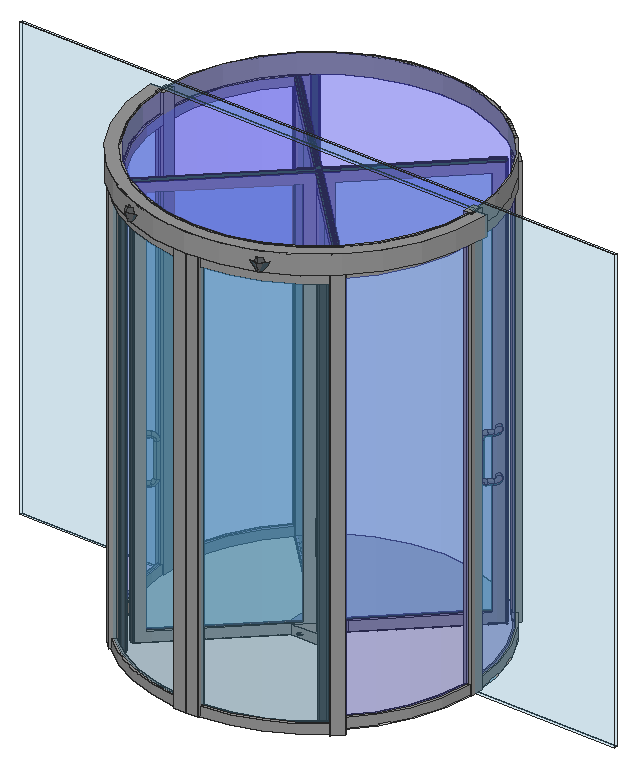
Revit family "Talos RDR-S01", category Türen, Revit 2016 (continued)
Automatic sketch dimensions
  Extrusion 19 sketch curve to Extrusion 19 sketch curve = 844.00 mm
  Extrusion 19 sketch curve to plane 8 "access height" = 63.00 mm
  Extrusion 20 sketch curve to plane 11 "180-4" = 83.00 mm
  level to Extrusion 20 sketch curve = 63.00 mm
  Extrusion 20 sketch curve to Extrusion 20 sketch curve = 844.00 mm
  Extrusion 20 sketch curve to plane 8 "access height" = 63.00 mm
  Extrusion 21 sketch curve to plane 10 = 20.00 mm
  Extrusion 21 sketch curve to plane 1 "Mitte (Vorne/Hinten)" = 42.50 mm
  Extrusion 27 sketch curve to Extrusion 27 sketch curve = 844.00 mm
  level to Extrusion 28 sketch curve = 63.00 mm
  Extrusion 28 sketch curve to Extrusion 28 sketch curve = 844.00 mm
  Extrusion 28 sketch curve to plane 8 "access height" = 63.00 mm
  Extrusion 30 sketch curve to Extrusion 30 sketch curve = 844.00 mm
  level to Extrusion 31 sketch curve = 63.00 mm
  Extrusion 31 sketch curve to Extrusion 31 sketch curve = 844.00 mm
  Extrusion 31 sketch curve to plane 8 "access height" = 63.00 mm
  Extrusion 33 sketch curve to Extrusion 33 sketch curve = 844.00 mm
  level to Extrusion 34 sketch curve = 63.00 mm
  Extrusion 34 sketch curve to Extrusion 34 sketch curve = 844.00 mm
  Extrusion 34 sketch curve to plane 8 "access height" = 63.00 mm
  Extrusion 49 sketch curve to Extrusion 49 sketch curve = 0.00 mm  (x2)
  Extrusion 8 sketch curve to plane 9 = 9.336 mm
  curve 1 to curve 2 = 0.00 mm  (x2)
  curve 1 to curve 3 = 0.00 mm  (x2)
  curve 3 to curve 4 = 0.00 mm  (x2)
  curve 5 to plane 11 "180-4" = 0.00 mm
  curve 32 to plane 16 "120-2" = 0.00 mm
  curve 33 to plane 15 "120-1" = 0.00 mm
  plane 1 "Mitte (Vorne/Hinten)" to curve 4 = 0.00 mm
  curve 4 to plane 3 "Mitte (Links/Rechts)" = 0.00 mm
  plane 17 "120-3" to curve 32 = 0.00 mm
  curve 31 to plane 3 "Mitte (Links/Rechts)" = 3.486 mm
  curve 33 to plane 1 "Mitte (Vorne/Hinten)" = 22.943 mm
  curve 32 to plane 1 "Mitte (Vorne/Hinten)" = 16.905 mm
  plane 4 "Section L" to curve 5 = 6.212 mm
  plane 4 "Section L" to curve 8 = 6.212 mm
  plane 3 "Mitte (Links/Rechts)" to curve 9 = 120.941 mm
  curve 6 to plane 5 "Section R" = 6.212 mm
  curve 7 to plane 5 "Section R" = 6.212 mm
  Extrusion 2 sketch curve to Extrusion 2 sketch curve = 0.00 mm  (x6)
  plane 1 "Mitte (Vorne/Hinten)" to Extrusion 2 sketch curve = 0.00 mm
  Extrusion 2 sketch curve to plane 3 "Mitte (Links/Rechts)" = 0.00 mm
  plane 1 "Mitte (Vorne/Hinten)" to Extrusion 4 sketch curve = 0.00 mm
  Extrusion 4 sketch curve to plane 3 "Mitte (Links/Rechts)" = 0.00 mm
  Extrusion 6 sketch curve to Extrusion 6 sketch curve = 0.00 mm  (x6)
  plane 1 "Mitte (Vorne/Hinten)" to Extrusion 6 sketch curve = 0.00 mm
  Extrusion 6 sketch curve to plane 3 "Mitte (Links/Rechts)" = 0.00 mm
  Extrusion 10 sketch curve to level = 0.00 mm
  Extrusion 10 sketch curve to plane 8 "access height" = 0.00 mm
  Extrusion 15 sketch curve to level = 0.00 mm
  Extrusion 15 sketch curve to plane 8 "access height" = 0.00 mm
  level to Extrusion 18 sketch curve = 0.00 mm
  plane 8 "access height" to Extrusion 18 sketch curve = 0.00 mm
  Extrusion 26 sketch curve to plane 8 "access height" = 0.00 mm
  Extrusion 26 sketch curve to level = 0.00 mm
  Extrusion 29 sketch curve to plane 8 "access height" = 0.00 mm
  Extrusion 29 sketch curve to level = 0.00 mm
  plane 8 "access height" to Extrusion 32 sketch curve = 0.00 mm
  level to Extrusion 32 sketch curve = 0.00 mm
  Extrusion 35 sketch curve to Extrusion 35 sketch curve = 0.00 mm
  plane 1 "Mitte (Vorne/Hinten)" to Extrusion 35 sketch curve = 0.00 mm
  Extrusion 35 sketch curve to plane 3 "Mitte (Links/Rechts)" = 0.00 mm
  Extrusion 44 sketch curve to Extrusion 44 sketch curve = 0.00 mm
  plane 1 "Mitte (Vorne/Hinten)" to Extrusion 44 sketch curve = 0.00 mm
  Extrusion 44 sketch curve to plane 3 "Mitte (Links/Rechts)" = 0.00 mm
  Extrusion 45 sketch curve to plane 3 "Mitte (Links/Rechts)" = 0.00 mm
  Extrusion 45 sketch curve to Extrusion 45 sketch curve = 1.80 mm  (x2)
  Extrusion 45 sketch curve to Extrusion 45 sketch curve = 2.00 mm  (x2)
  Extrusion 46 sketch curve to Extrusion 46 sketch curve = 2.00 mm  (x4)
  Extrusion 46 sketch curve to plane 3 "Mitte (Links/Rechts)" = 0.00 mm
  Extrusion 47 sketch curve to Extrusion 47 sketch curve = 2.00 mm  (x4)
  plane 12 "180-1" to Extrusion 47 sketch curve = 65.00 mm
  Extrusion 48 sketch curve to Extrusion 48 sketch curve = 2.00 mm  (x4)
  plane 11 "180-4" to Extrusion 48 sketch curve = 19.999 mm
  Extrusion 50 sketch curve to Extrusion 50 sketch curve = 0.00 mm  (x2)
  plane 1 "Mitte (Vorne/Hinten)" to Extrusion 50 sketch curve = 0.00 mm
  Extrusion 50 sketch curve to plane 3 "Mitte (Links/Rechts)" = 0.00 mm
  Extrusion 51 sketch curve to Extrusion 51 sketch curve = 0.00 mm  (x2)
  plane 1 "Mitte (Vorne/Hinten)" to Extrusion 51 sketch curve = 0.00 mm
  Extrusion 51 sketch curve to plane 3 "Mitte (Links/Rechts)" = 0.00 mm
  Extrusion 51 sketch curve to plane 3 "Mitte (Links/Rechts)" = 85.00 mm
  Extrusion 54 sketch curve to Extrusion 54 sketch curve = 1.80 mm  (x2)
  plane 3 "Mitte (Links/Rechts)" to Extrusion 54 sketch curve = 0.00 mm
  Extrusion 54 sketch curve to Extrusion 54 sketch curve = 2.00 mm  (x2)
  Extrusion 55 sketch curve to Extrusion 55 sketch curve = 2.00 mm  (x4)
  plane 3 "Mitte (Links/Rechts)" to Extrusion 55 sketch curve = 0.00 mm
  Extrusion 56 sketch curve to Extrusion 56 sketch curve = 2.00 mm  (x4)
  Extrusion 56 sketch curve to plane 11 "180-4" = 20.00 mm
  Extrusion 57 sketch curve to Extrusion 57 sketch curve = 2.00 mm  (x4)
  Extrusion 57 sketch curve to plane 12 "180-1" = 65.00 mm
  Extrusion 58 sketch curve to Extrusion 58 sketch curve = 0.00 mm  (x2)
  plane 1 "Mitte (Vorne/Hinten)" to Extrusion 58 sketch curve = 0.00 mm
  Extrusion 58 sketch curve to plane 3 "Mitte (Links/Rechts)" = 0.00 mm
  Extrusion 59 sketch curve to Extrusion 59 sketch curve = 0.00 mm  (x2)
  Extrusion 59 sketch curve to plane 3 "Mitte (Links/Rechts)" = 0.00 mm
  plane 1 "Mitte (Vorne/Hinten)" to Extrusion 59 sketch curve = 0.00 mm
  plane 3 "Mitte (Links/Rechts)" to Extrusion 59 sketch curve = 85.00 mm
  plane 1 "Mitte (Vorne/Hinten)" to Extrusion 63 sketch curve = 0.00 mm
  Extrusion 63 sketch curve to plane 3 "Mitte (Links/Rechts)" = 0.00 mm
Nested families
  nested 1: "rubber profile" at (-699.482, 791.429, 0) x (0.7071, -0.7071, 0) z (0, 0, 1), type "rubber profile"
    with ClearHeight 2800.00 mm
  nested 2: "rubber profile" at (699.528, 791.429, 0) x (-0.7071, -0.7071, 0) z (0, 0, 1), type "rubber profile"
    with ClearHeight 2800.00 mm
  nested 3: "rubber profile" at (-699.482, -791.429, 0) x (0.7071, 0.7071, 0) z (0, 0, 1), type "rubber profile"
    with ClearHeight 2800.00 mm
  nested 4: "rubber profile" at (699.529, -791.429, 0) x (-0.7071, 0.7071, 0) z (0, 0, 1), type "rubber profile"
    with ClearHeight 2800.00 mm
  nested 5: "handle" at (-662.623, 690.93, 0) x (0.7071, -0.7071, 0) z (0, 0, 1), visible <- "HasGrabHandles 180", type "handle"
  nested 6: "handle" at (103.366, 951.737, 0) x (-0.0872, -0.9962, 0) z (0, 0, 1), visible <- "HasGrabHandles 120", type "handle"
  nested 7: "handle" at (773.709, -566.156, 0) x (-0.8192, 0.5736, 0) z (0, 0, 1), visible <- "HasGrabHandles 120", type "handle"
  nested 8: "handle" at (662.669, -690.93, 0) x (-0.7071, 0.7071, 0) z (0, 0, 1), visible <- "HasGrabHandles 180", type "handle"
  nested 9: "handle" at (-691.881, -663.62, 0) x (0.7071, 0.7071, 0) z (0, 0, 1), visible <- "HasGrabHandles 180", type "handle"
  nested 10: "handle" at (-877.125, -386.953, 0) x (0.9063, 0.4226, 0) z (0, 0, 1), visible <- "HasGrabHandles 120", type "handle"
  nested 11: "handle" at (690.953, 662.646, 0) x (-0.7071, -0.7071, 0) z (0, 0, 1), visible <- "HasGrabHandles 180", type "handle"
  nested 12: "console" at (752.385, -844.285, 950) x (0.7071, -0.7071, 0) z (0, 0, 1), visible <- "HasConsoleS1", type <- "ConsoleType", type "Type 4"
  nested 13: "console" at (-718.397, 810.344, 950) x (-0.7071, 0.7071, 0) z (0, 0, 1), visible <- "HasConsoleS1", type <- "ConsoleType", type "Type 4"
  nested 14: "emergencyStop" at (789.39, 835.238, 950), visible <- "ShutOffDevice", type "emergencyStop"
  nested 15: "emergencyStop" at (-823.285, -869.179, 950) x (-1, 0, 0) z (0, 0, 1), visible <- "ShutOffDeviceInside", type "emergencyStop"
  nested 16: "radar" at (429.394, -1036.593, 2811) x (0.9239, 0.3827, 0) z (0, 0, 1), visible <- "HasMotionSensor", type "radar"
  nested 17: "radar" at (-429.348, -1036.593, 2811) x (0.9239, -0.3827, 0) z (0, 0, 1), visible <- "HasMotionSensor", type "radar"
  nested 18: "radar" at (405.668, 979.312, 2811) x (0.9239, -0.3827, 0) z (0, 0, 1), visible <- "HasMotionSensor", type "radar"
  nested 19: "radar" at (-405.621, 979.312, 2811) x (0.9239, 0.3827, 0) z (0, 0, 1), visible <- "HasMotionSensor", type "radar"
Definition of nested family "rubber profile"
  Parameters
    RubberMaterial = none
    ClearHeight [instance] = 860.00 mm
  Reference planes
    plane 1 "Mitte (Vorne/Hinten)": y = 0
    plane 2: z = 0
    plane 3 "Mitte (Links/Rechts)": x = 0
    plane 4: z = 860
  Forms (mm)
    Extrusion 1, solid, material <- "RubberMaterial"
      sketch origin (959.147, -87.353, 0) x (0.707107, 0.707107, 0) y (-0.707107, 0.707107, 0)
        loop
          arc (-590.457, 784.714) -> (-606.688, 774.354) -> (-621.477, 762.023) r 151.839
          arc (-621.477, 762.023) -> (-625.471, 757.342) -> (-628.391, 751.926) r 29.082
          line (-628.391, 751.926) -> (-604.513, 728.049)
          arc (-604.513, 728.049) -> (-599.097, 730.968) -> (-594.416, 734.962) r 29.082
          arc (-594.416, 734.962) -> (-582.085, 749.751) -> (-571.725, 765.982) r 151.839
          arc (-571.725, 765.982) -> (-574.044, 782.395) -> (-590.457, 784.714) r 13.785
      from 0 to 860
  Dimensions and locks
    "ClearHeight": plane 2 to plane 4
    aligned and locked: level to plane 2
    aligned and locked: plane 4 to Extrusion 1
  Automatic sketch dimensions
    plane 1 "Mitte (Vorne/Hinten)" to Extrusion 1 sketch curve = 0.00 mm  (x2)
    Extrusion 1 sketch curve to plane 3 "Mitte (Links/Rechts)" = 0.00 mm
    Extrusion 1 sketch curve to plane 1 "Mitte (Vorne/Hinten)" = 7.937 mm
    Extrusion 1 sketch curve to plane 3 "Mitte (Links/Rechts)" = 132.648 mm
    Extrusion 1 sketch curve to Extrusion 1 sketch curve = 76.246 mm  (x2)
    Extrusion 1 sketch curve to Extrusion 1 sketch curve = 12.864 mm  (x2)
    Extrusion 1 sketch curve to Extrusion 1 sketch curve = 11.013 mm
    Extrusion 1 sketch curve to Extrusion 1 sketch curve = 3.039 mm
    Extrusion 1 sketch curve to Extrusion 1 sketch curve = 17.683 mm
    Extrusion 1 sketch curve to Extrusion 1 sketch curve = 87.47 mm
    Extrusion 1 sketch curve to Extrusion 1 sketch curve = 7.059 mm
    Extrusion 1 sketch curve to Extrusion 1 sketch curve = 0.00 mm  (x3)
Definition of nested family "handle"
  Parameters
    HandleMaterial = none
  Reference planes
    plane 1 "Mitte (Vorne/Hinten)": y = 0
    plane 2: z = 0
    plane 3 "Mitte (Links/Rechts)": x = 0
  Forms (mm)
    Sweep 1, solid, material <- "HandleMaterial"
      path in 3D
        loop
          line (0, 0, 1200) -> (0, 37, 1200)
          arc (0, 37, 1200) -> (10.251, 61.749, 1200) -> (35, 72, 1200) r 35
          line (35, 72, 1200) -> (70, 72, 1200)
          arc (70, 72, 1200) -> (94.749, 72, 1189.749) -> (105, 72, 1165) r 35
          line (105, 72, 1165) -> (105, 72, 935)
          arc (105, 72, 935) -> (94.749, 72, 910.251) -> (70, 72, 900) r 35
          line (70, 72, 900) -> (35, 72, 900)
          arc (35, 72, 900) -> (10.251, 61.749, 900) -> (0, 37, 900) r 35
          line (0, 37, 900) -> (0, 0, 900)
      profile origin (0, 18.5, 1200) x (-1, 0, 0) y (0, 0, 1)
        loop
          circle (0, 0) r 16
  Lines and regions (mm)
    sketch lines
      curve 1: line (0, 0, 1200) -> (0, 37, 1200)
      curve 2: arc (0, 37, 1200) -> (10.251, 61.749, 1200) -> (35, 72, 1200) r 35
      curve 3: line (70, 72, 1200) -> (35, 72, 1200)
      curve 4: arc (70, 72, 1200) -> (94.749, 72, 1189.749) -> (105, 72, 1165) r 35
      curve 5: line (105, 72, 1165) -> (105, 72, 935)
      curve 6: arc (70, 72, 900) -> (94.749, 72, 910.251) -> (105, 72, 935) r 35
      curve 7: line (70, 72, 900) -> (35, 72, 900)
      curve 8: arc (0, 37, 900) -> (10.251, 61.749, 900) -> (35, 72, 900) r 35
      curve 9: line (0, 0, 900) -> (0, 37, 900)
  Dimensions and locks
    aligned and locked: level to plane 2
Definition of nested family "console"
  Parameters
    OpeningStart = 18.00 mm
    ConsoleHeight = 138.00 mm
  Reference planes
    plane 1 "Mitte (Vorne/Hinten)": y = 0
    plane 2: z = 0
    plane 3 "Mitte (Links/Rechts)": x = 0
    plane 4 "loch": through (36.581, 1.377, 1200) normal (-0.7071, 0.7071, 0)
    plane 5: z = 20
    plane 6: z = 122
    plane 7: z = 140
    plane 8: z = 2
    plane 9: z = 142
  Forms (mm)
    Extrusion 1, solid
      sketch origin (0, 0, 0) x (1, 0, 0) y (0, 1, 0)
        loop
          arc (1.377, 51.025) -> (0.358, 49.5) -> (0, 47.701) r 4.7
          line (0, 47.701) -> (0, 4.7)
          arc (0, 4.7) -> (1.377, 1.377) -> (4.7, 0) r 4.7
          line (4.7, 0) -> (33.258, 0)
          arc (33.258, 0) -> (35.056, 0.358) -> (36.581, 1.377) r 4.7
          line (36.581, 1.377) -> (99.094, 63.889)
          arc (99.094, 63.889) -> (100.471, 67.213) -> (99.094, 70.536) r 4.7
          line (99.094, 70.536) -> (63.315, 106.316)
          arc (63.315, 106.316) -> (59.991, 107.692) -> (56.668, 106.316) r 4.7
          line (56.668, 106.316) -> (1.377, 51.025)
      from 0 to 2
    Extrusion 2, solid
      sketch origin (0, 0, 0) x (1, 0, 0) y (0, 1, 0)
        loop
          arc (1.377, 51.025) -> (0.358, 49.5) -> (0, 47.701) r 4.7
          line (0, 47.701) -> (0, 4.7)
          arc (0, 4.7) -> (1.377, 1.377) -> (4.7, 0) r 4.7
          line (4.7, 0) -> (33.258, 0)
          arc (33.258, 0) -> (35.056, 0.358) -> (36.581, 1.377) r 4.7
          line (36.581, 1.377) -> (99.094, 63.889)
          arc (99.094, 63.889) -> (100.471, 67.213) -> (99.094, 70.536) r 4.7
          line (99.094, 70.536) -> (63.315, 106.316)
          arc (63.315, 106.316) -> (59.991, 107.692) -> (56.668, 106.316) r 4.7
          line (56.668, 106.316) -> (1.377, 51.025)
      from 140 to 142
    Extrusion 3, solid
      sketch origin (0, 0, 0) x (1, 0, 0) y (0, 1, 0)
        loop
          arc (1.377, 51.025) -> (0.358, 49.5) -> (0, 47.701) r 4.7
          line (0, 47.701) -> (0, 4.7)
          arc (0, 4.7) -> (1.377, 1.377) -> (4.7, 0) r 4.7
          line (4.7, 0) -> (33.258, 0)
          arc (33.258, 0) -> (35.056, 0.358) -> (36.581, 1.377) r 4.7
          line (36.581, 1.377) -> (99.094, 63.889)
          arc (99.094, 63.889) -> (100.471, 67.213) -> (99.094, 70.536) r 4.7
          line (99.094, 70.536) -> (63.315, 106.316)
          arc (63.315, 106.316) -> (59.991, 107.692) -> (56.668, 106.316) r 4.7
          line (56.668, 106.316) -> (1.377, 51.025)
        loop
          line (58.153, 104.831) -> (2.862, 49.54)
          arc (2.862, 49.54) -> (2.298, 48.696) -> (2.1, 47.701) r 2.6
          line (2.1, 47.701) -> (2.1, 4.7)
          arc (2.1, 4.7) -> (2.862, 2.862) -> (4.7, 2.1) r 2.6
          line (4.7, 2.1) -> (33.258, 2.1)
          arc (33.258, 2.1) -> (34.253, 2.298) -> (35.096, 2.862) r 2.6
          line (35.096, 2.862) -> (97.609, 65.374)
          arc (97.609, 65.374) -> (98.371, 67.213) -> (97.609, 69.051) r 2.6
          line (97.609, 69.051) -> (61.83, 104.831)
          arc (61.83, 104.831) -> (59.991, 105.592) -> (58.153, 104.831) r 2.6
      from 2 to 140
    Extrusion 4, void
      sketch origin (17.602, -17.602, -32.1) x (-0.707107, -0.707107, 0) y (0, 0, 1)
        loop
          line (-46.447, 154.1) -> (-95.447, 154.1)
          arc (-95.447, 154.1) -> (-97.215, 153.368) -> (-97.947, 151.6) r 2.5
          line (-97.947, 151.6) -> (-97.947, 54.6)
          arc (-97.947, 54.6) -> (-97.215, 52.832) -> (-95.447, 52.1) r 2.5
          line (-95.447, 52.1) -> (-46.447, 52.1)
          arc (-46.447, 52.1) -> (-44.679, 52.832) -> (-43.947, 54.6) r 2.5
          line (-43.947, 54.6) -> (-43.947, 151.6)
          arc (-43.947, 151.6) -> (-44.679, 153.368) -> (-46.447, 154.1) r 2.5
      from 0 to 2
  Cuts and joins
    Extrusion 4 cuts Extrusion 3
    joined: Extrusion 1, Extrusion 2, Extrusion 3
  Dimensions and locks
    "ConsoleHeight": plane 8 to plane 7
    locked: plane 2 to plane 8 at 2
    plane 6 to plane 7 to plane 9 = 18.00 mm locked, 2.00 mm locked
    "OpeningStart": plane 8 to plane 5
    aligned and locked: level to plane 2
    aligned and locked: Extrusion 2 to Extrusion 3
    aligned and locked: Extrusion 1 to level
    aligned and locked: Extrusion 3 to Extrusion 1
    aligned and locked: plane 6 to Extrusion 4
    aligned and locked: Extrusion 4 to plane 5
    aligned and locked: plane 9 to Extrusion 2
    aligned and locked: plane 7 to cut or joined group of Extrusion 1, Extrusion 2, Extrusion 3, Extrusion 4
    aligned and locked: plane 6 to cut or joined group of Extrusion 1, Extrusion 2, Extrusion 3, Extrusion 4
  Automatic sketch dimensions
    Extrusion 1 sketch curve to plane 3 "Mitte (Links/Rechts)" = 0.00 mm
    plane 1 "Mitte (Vorne/Hinten)" to Extrusion 1 sketch curve = 0.00 mm
    Extrusion 1 sketch curve to plane 4 "loch" = 0.00 mm  (x2)
    plane 3 "Mitte (Links/Rechts)" to Extrusion 1 sketch curve = 1.377 mm
    plane 3 "Mitte (Links/Rechts)" to Extrusion 1 sketch curve = 4.70 mm
    Extrusion 1 sketch curve to Extrusion 1 sketch curve = 4.70 mm
    Extrusion 1 sketch curve to plane 1 "Mitte (Vorne/Hinten)" = 4.70 mm
    Extrusion 1 sketch curve to plane 1 "Mitte (Vorne/Hinten)" = 1.377 mm
    plane 3 "Mitte (Links/Rechts)" to Extrusion 1 sketch curve = 56.668 mm
    Extrusion 1 sketch curve to Extrusion 1 sketch curve = 3.323 mm  (x4)
    Extrusion 1 sketch curve to Extrusion 1 sketch curve = 35.78 mm  (x2)
    Extrusion 1 sketch curve to plane 1 "Mitte (Vorne/Hinten)" = 70.536 mm
    Extrusion 1 sketch curve to plane 1 "Mitte (Vorne/Hinten)" = 63.889 mm
    Extrusion 1 sketch curve to Extrusion 1 sketch curve = 43.001 mm
    Extrusion 2 sketch curve to plane 3 "Mitte (Links/Rechts)" = 0.00 mm
    plane 1 "Mitte (Vorne/Hinten)" to Extrusion 2 sketch curve = 0.00 mm
    Extrusion 2 sketch curve to plane 4 "loch" = 0.00 mm  (x2)
    plane 3 "Mitte (Links/Rechts)" to Extrusion 2 sketch curve = 1.377 mm
    plane 3 "Mitte (Links/Rechts)" to Extrusion 2 sketch curve = 4.70 mm
    Extrusion 2 sketch curve to Extrusion 2 sketch curve = 4.70 mm
    Extrusion 2 sketch curve to plane 1 "Mitte (Vorne/Hinten)" = 4.70 mm
    Extrusion 2 sketch curve to plane 1 "Mitte (Vorne/Hinten)" = 1.377 mm
    plane 3 "Mitte (Links/Rechts)" to Extrusion 2 sketch curve = 56.668 mm
    Extrusion 2 sketch curve to Extrusion 2 sketch curve = 3.323 mm  (x4)
    Extrusion 2 sketch curve to Extrusion 2 sketch curve = 35.78 mm  (x2)
    Extrusion 2 sketch curve to plane 1 "Mitte (Vorne/Hinten)" = 70.536 mm
    Extrusion 2 sketch curve to plane 1 "Mitte (Vorne/Hinten)" = 63.889 mm
    Extrusion 2 sketch curve to Extrusion 2 sketch curve = 43.001 mm
    Extrusion 3 sketch curve to Extrusion 3 sketch curve = 0.00 mm  (x10)
    Extrusion 3 sketch curve to plane 3 "Mitte (Links/Rechts)" = 0.00 mm
    plane 1 "Mitte (Vorne/Hinten)" to Extrusion 3 sketch curve = 0.00 mm
    Extrusion 3 sketch curve to plane 4 "loch" = 0.00 mm  (x2)
    plane 3 "Mitte (Links/Rechts)" to Extrusion 3 sketch curve = 1.377 mm
    Extrusion 3 sketch curve to Extrusion 3 sketch curve = 2.10 mm
    Extrusion 3 sketch curve to Extrusion 3 sketch curve = 0.762 mm
    plane 3 "Mitte (Links/Rechts)" to Extrusion 3 sketch curve = 4.70 mm
    Extrusion 3 sketch curve to Extrusion 3 sketch curve = 1.838 mm  (x6)
    Extrusion 3 sketch curve to Extrusion 3 sketch curve = 28.558 mm
    Extrusion 3 sketch curve to plane 1 "Mitte (Vorne/Hinten)" = 2.862 mm
    Extrusion 3 sketch curve to plane 1 "Mitte (Vorne/Hinten)" = 1.377 mm
    plane 3 "Mitte (Links/Rechts)" to Extrusion 3 sketch curve = 56.668 mm
    Extrusion 3 sketch curve to Extrusion 3 sketch curve = 1.485 mm  (x5)
    Extrusion 3 sketch curve to Extrusion 3 sketch curve = 35.78 mm  (x2)
    Extrusion 3 sketch curve to plane 1 "Mitte (Vorne/Hinten)" = 63.889 mm
    Extrusion 3 sketch curve to plane 1 "Mitte (Vorne/Hinten)" = 70.536 mm
    Extrusion 3 sketch curve to Extrusion 3 sketch curve = 43.001 mm
    plane 5 to Extrusion 4 sketch curve = 0.00 mm
    plane 6 to Extrusion 4 sketch curve = 0.00 mm
    plane 5 to Extrusion 4 sketch curve = 2.50 mm
    Extrusion 4 sketch curve to Extrusion 4 sketch curve = 2.50 mm
    Extrusion 4 sketch curve to Extrusion 4 sketch curve = 49.00 mm  (x2)
    Extrusion 4 sketch curve to plane 6 = 2.50 mm
Definition of nested family "emergencyStop"
  Reference planes
    plane 1 "Mitte (Vorne/Hinten)": y = 0
    plane 2: z = 0
    plane 3 "Mitte (Links/Rechts)": x = 0
  Forms (mm)
    Extrusion 1, solid
      sketch origin (0, 0, 0) x (1, 0, 0) y (0, 1, 0)
        loop
          arc (-33.893, 60) -> (-35.692, 59.642) -> (-37.217, 58.623) r 4.7
          line (-37.217, 58.623) -> (-61.047, 34.793) -> (-67.623, 28.217)
          arc (-67.623, 28.217) -> (-69, 24.893) -> (-67.623, 21.57) r 4.7
          line (-67.623, 21.57) -> (-47.43, 1.377)
          arc (-47.43, 1.377) -> (-45.905, 0.358) -> (-44.107, 0) r 4.7
          line (-44.107, 0) -> (44.3, 0)
          arc (44.3, 0) -> (47.623, 1.377) -> (49, 4.7) r 4.7
          line (49, 4.7) -> (49, 55.3)
          arc (49, 55.3) -> (47.623, 58.623) -> (44.3, 60) r 4.7
          line (44.3, 60) -> (-33.893, 60)
      from 0 to 93
    Extrusion 2, solid
      sketch origin (0, 0, 0) x (1, 0, 0) y (0, 0, 1)
        loop
          line (29.15, 80.65) -> (-29.15, 80.65)
          arc (-29.15, 80.65) -> (-32.686, 79.186) -> (-34.15, 75.65) r 5
          line (-34.15, 75.65) -> (-34.15, 17.35)
          arc (-34.15, 17.35) -> (-32.686, 13.814) -> (-29.15, 12.35) r 5
          line (-29.15, 12.35) -> (29.15, 12.35)
          arc (29.15, 12.35) -> (32.686, 13.814) -> (34.15, 17.35) r 5
          line (34.15, 17.35) -> (34.15, 75.65)
          arc (34.15, 75.65) -> (32.686, 79.186) -> (29.15, 80.65) r 5
      from 0 to 5
    Extrusion 3, solid
      sketch origin (0, 0, 0) x (1, 0, 0) y (0, 0, 1)
        loop
          circle (0, 46.5) r 14
      from 5 to 11.5
    Extrusion 4, solid
      sketch origin (0, 0, 0) x (1, 0, 0) y (0, 0, 1)
        loop
          circle (0, 46.5) r 17.5
      from 11.5 to 42.662
  Dimensions and locks
    aligned and locked: level to plane 2
Definition of nested family "radar"
  Reference planes
    plane 1 "Mitte (Vorne/Hinten)": y = 0
    plane 2: z = 0
    plane 3 "Mitte (Links/Rechts)": x = 0
  Forms (mm)
    Blend 1, solid
      base sketch origin (0, 0, 0) x (1, 0, 0) y (0, 1, 0)
        loop
          spline (-60.45, 0) -> (-59.155, -6.959) -> (-55.927, -13.157) -> (-51.487, -18.421) -> (-46.303, -22.716) -> (-40.758, -26.39) -> (-35.188, -30.007) -> (-29.772, -33.862) -> (-24.41, -37.889) -> (-19.005, -41.952) -> (-13.271, -45.784) -> (-6.991, -48.733) -> (0, -49.951)
          spline (0, -49.951) -> (6.991, -48.733) -> (13.271, -45.784) -> (19.005, -41.952) -> (24.41, -37.889) -> (29.772, -33.862) -> (35.188, -30.007) -> (40.758, -26.39) -> (46.303, -22.716) -> (51.487, -18.421) -> (55.927, -13.157) -> (59.155, -6.959) -> (60.45, 0)
          line (60.45, 0) -> (-60.45, 0)
      top sketch origin (0, 0, 0) x (1, 0, 0) y (0, 1, 0)
        loop
          spline (-27.676, 0) -> (-27.152, -3.756) -> (-25.798, -7.293) -> (-23.885, -10.569) -> (-21.62, -13.603) -> (-19.165, -16.479) -> (-16.675, -19.338) -> (-14.286, -22.26) -> (-11.915, -25.206) -> (-9.472, -28.08) -> (-6.777, -30.784) -> (-3.67, -32.898) -> (0, -33.799)
          spline (0, -33.799) -> (3.67, -32.898) -> (6.777, -30.784) -> (9.472, -28.08) -> (11.915, -25.206) -> (14.286, -22.26) -> (16.675, -19.338) -> (19.165, -16.479) -> (21.62, -13.603) -> (23.885, -10.569) -> (25.798, -7.293) -> (27.152, -3.756) -> (27.676, 0)
          line (27.676, 0) -> (-27.676, 0)
      from 54 to 0
    Blend 2, solid
      base sketch origin (0, 0, 0) x (1, 0, 0) y (0, 1, 0)
        loop
          spline (-27.676, 0) -> (-27.152, -3.756) -> (-25.798, -7.293) -> (-23.885, -10.569) -> (-21.62, -13.603) -> (-19.165, -16.479) -> (-16.675, -19.338) -> (-14.286, -22.26) -> (-11.915, -25.206) -> (-9.472, -28.08) -> (-6.777, -30.784) -> (-3.67, -32.898) -> (0, -33.799)
          spline (0, -33.799) -> (3.67, -32.898) -> (6.777, -30.784) -> (9.472, -28.08) -> (11.915, -25.206) -> (14.286, -22.26) -> (16.675, -19.338) -> (19.165, -16.479) -> (21.62, -13.603) -> (23.885, -10.569) -> (25.798, -7.293) -> (27.152, -3.756) -> (27.676, 0)
          line (27.676, 0) -> (-27.676, 0)
      top sketch origin (0, 0, 0) x (1, 0, 0) y (0, 1, 0)
        loop
          spline (-37.831, 0) -> (-37.089, -4.675) -> (-35.189, -9.009) -> (-32.514, -12.919) -> (-29.342, -16.427) -> (-25.9, -19.663) -> (-22.409, -22.86) -> (-19.032, -26.156) -> (-15.693, -29.501) -> (-12.313, -32.792) -> (-8.682, -35.875) -> (-4.626, -38.254) -> (0, -39.247)
          spline (0, -39.247) -> (4.626, -38.254) -> (8.682, -35.875) -> (12.313, -32.792) -> (15.693, -29.501) -> (19.032, -26.156) -> (22.409, -22.86) -> (25.9, -19.663) -> (29.342, -16.427) -> (32.514, -12.919) -> (35.189, -9.009) -> (37.089, -4.675) -> (37.831, 0)
          line (37.831, 0) -> (-37.831, 0)
      from 80 to 54
  Dimensions and locks
    aligned and locked: level to plane 2
Types (7, lengths in mm): name | Width | Type | StandardUsed | ShutOffDeviceInside | RotationInterval 180 | RotationInterval 120 | MotionSensorOutside | MotionSensorInside | OuterDiameter | MotorDriveType | Height | HasMotionSensor | HasLockInside | HasLock | HasIntegralShutOffDevice | HasGrabHandles 180 | HasGrabHandles 120 | HasConsoleS2 | HasConsoleS1 | HandleMaterial | DoorWidth | DiameterNightLockGlassOutside | DiameterNightLockGlassInside | DiameterNightLockFrame | DiameterNightLockCover | DiameterNightLock | DiameterGlassInside | DiameterGlassOutside | DiameterCoverFront | Diameter | CoverMaterial | ConsoleType | ConsoleS2 | ConsoleS1 | ClearHeight | BaseType | AccessLengthOrRadius
  RDR-S01 2000 | 2100.00 | "Talos RDR-S01" | "17" | no | yes | no | 1060.00 | 1060.00 | "2100 mm" | "" | 2230.00 | no | no | no | no | yes | no | no | no | PA6.6 Gf30(schwarz) | 970.00 | 1109.00 | 1101.00 | 1081.00 | 1120.00 | 1090.00 | 1040.00 | 1050.00 | 1140.00 | 1060.00 | 1.0980 - S420 MC | console : Type 4 | 1081.00 | 1081.00 | 2100.00 | ">= 60 mm" | 1030.00
  RDR-S01 2200 | 2300.00 | "Talos RDR-S01" | "18" | no | no | yes | 1160.00 | 1160.00 | "2300 mm" | "K8-SA1/G4-SA3" | 2330.00 | yes | no | no | no | no | yes | yes | yes | 1.4401 - A4 | 1070.00 | 1209.00 | 1201.00 | 1181.00 | 1220.00 | 1190.00 | 1140.00 | 1150.00 | 1240.00 | 1160.00 | Glas | console : Type 4 | 1181.00 | 1181.00 | 2200.00 | ">= 60 mm" | 1130.00
  RDR-S01 2400 | 2500.00 | "Talos RDR-S01" | "19" | no | yes | no | 1260.00 | 1260.00 | "2500 mm" | "K8-SA2" | 2430.00 | yes | no | no | no | yes | no | yes | yes | PA6.6 Gf30(schwarz) | 1170.00 | 1309.00 | 1301.00 | 1281.00 | 1320.00 | 1290.00 | 1240.00 | 1250.00 | 1340.00 | 1260.00 | Glas | console : Type 5 | 1281.00 | 1281.00 | 2300.00 | ">= 280 mm" | 1230.00
  RDR-S01 2600 | 2700.00 | "Talos RDR-S01" | "20" | no | no | yes | 1422.00 | 1360.00 | "2700 mm" | "K8-SA1/G4-SA3" | 2230.00 | yes | no | yes | no | no | yes | no | no | 1.4401 - A4 | 1270.00 | 1409.00 | 1401.00 | 1381.00 | 1420.00 | 1390.00 | 1340.00 | 1350.00 | 1440.00 | 1360.00 | Glas | console : Type 5 | 1429.00 | 1381.00 | 2100.00 | ">= 280 mm" | 1330.00
  RDR-S01 2800 | 2900.00 | "Talos RDR-S01" | "21" | no | yes | no | 1460.00 | 1460.00 | "2900 mm" | "K8-SA1/G4-SA3" | 2330.00 | yes | no | no | no | yes | no | yes | yes | PA6.6 Gf30(schwarz) | 1370.00 | 1509.00 | 1501.00 | 1481.00 | 1520.00 | 1490.00 | 1440.00 | 1450.00 | 1540.00 | 1460.00 | Glas | console : Type 4 | 1481.00 | 1481.00 | 2200.00 | ">= 280 mm" | 1430.00
  RDR-S01 3000 | 3100.00 | "Talos RDR-E01" | "22" | yes | no | yes | 1622.00 | 1560.00 | "3100 mm" | "K8-SA1" | 2430.00 | no | no | yes | yes | no | yes | yes | yes | 1.4401 - A4 | 1470.00 | 1609.00 | 1601.00 | 1581.00 | 1620.00 | 1590.00 | 1540.00 | 1550.00 | 1640.00 | 1560.00 | 1.0980 - S420 MC | console : Type 5 | 1629.00 | 1581.00 | 2300.00 | ">= 280 mm" | 1530.00
  RDR-S01 2000h | 2100.00 | "Talos RDR-S01" | "23" | no | yes | no | 1060.00 | 1122.00 | "2100 mm" | "-" | 2930.00 | yes | yes | no | no | yes | no | no | no | PA6.6 Gf30(schwarz) | 970.00 | 1109.00 | 1101.00 | 1081.00 | 1120.00 | 1090.00 | 1040.00 | 1050.00 | 1140.00 | 1060.00 | Glas | console : Type 4 | 1081.00 | 1129.00 | 2800.00 | ">= 60 mm" | 1030.00
